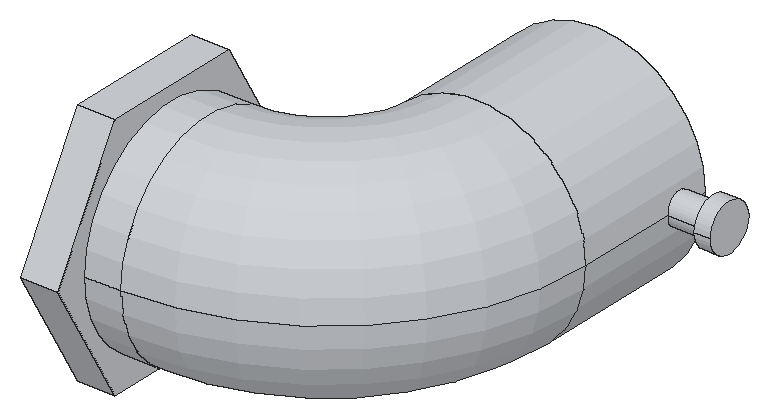
Revit family "M_Conector do conduíte de 90 graus - Parafuso - Zinco fundido", category Conexões do conduite, Revit 2019
Family settings
  Cota do conector redondo = Usar raio
  Tipo de parte = Múltiplas portas
  Número OmniClass = 23.80.30.17.11
  Título OmniClass = Conduits
  ID de item do Seek = Conduit Connector 90 Deg - Set Screw - Die Cast Zinc-0000-CAN-ENU
  Com base no plano de trabalho = Não
  Sempre na vertical = Sim
  Corte com vazios quando carregada = Não
  Compartilhado = Não
Parameters (values of type "Padrão")
  Raio 2 [instance] = 0.75 * Comprimento 1  # 2.551 mm
  Raio 1 [instance] = 0.5 * Comprimento 1  # 1.701 mm
  Raio nominal [instance] = 8 mm
  Diâmetro nominal [instance] = Raio nominal * 2  # 16 mm
  Comprimento 8 [instance] = Comprimento 3 * sin(30.00°)  # 7.739 mm
  Comprimento 7 [instance] = Comprimento 3 * cos(30.00°)  # 13.404 mm
  Comprimento 5 [instance] = if(Centro ao final - 0.5 * Centro ao final < Raio externo final, Raio externo final + 3.175 mm, Centro ao final - 0.5 * Centro ao final)  # 16.129 mm
  Comprimento 4 [instance] = Centro ao final - Comprimento 5  # 16.129 mm
  Comprimento 3 [instance] = 1.3 * Raio externo final  # 15.478 mm
  Comprimento 2 [instance] = 0.15 * Raio externo final  # 1.786 mm
  Comprimento da rosca [instance] = Comprimento 4 * 0.5  # 8.065 mm
  Comprimento 6 [instance] = Comprimento 4 - Comprimento da rosca  # 8.065 mm
  Comprimento 1 [instance] = Diâmetro externo final / 7  # 3.402 mm
  Raio externo final [instance] = Diâmetro externo final / 2  # 11.906 mm
  Diâmetro externo final [instance] = size_lookup(Pesquisa de tamanho de conduite, "EOD", 1.22 * Diâmetro nominal + 6.35 mm, Diâmetro nominal)  # 23.813 mm
  Pesquisa de tamanho de conduite = "M_Conduit Connector 90 Deg - Set Screw - Die Cast Zinc"
  Centro ao final [instance] = size_lookup(Pesquisa de tamanho de conduite, "CtE", 1.28 * Diâmetro nominal + 16.768 mm, Diâmetro nominal)  # 32.258 mm
Reference planes
  plane 1 "Centro (Frente/Trás)": y = 0
  plane 2: z = 0
  plane 3 "Centro (Esquerda/Direita)": x = 0
  plane 4: x = 8.065
  plane 5: x = 4.032
  plane 6: y = 16.129
  plane 7: y = 32.258
  plane 8: z = 13.404
  plane 9: z = -13.404
  plane 10: y = 15.478
  plane 11: y = -15.478
  plane 12: y = 7.739
  plane 13: y = -7.739
  plane 14: y = 28.856
  plane 15: x = 24.194
  plane 16: x = 39.672
  plane 17: x = 41.458
  plane 18: y = -11.906
Forms (mm)
  Sweep 1, solid, detail levels fine
    path in 3D
      loop
        line (4.032, 0, 0) -> (8.065, 0, 0)
        arc (8.065, 0, 0) -> (19.469, 4.724, 0) -> (24.194, 16.129, 0) r 16.129
        line (24.194, 16.129, 0) -> (24.194, 32.258, 0)
    profile origin (6.048, 0, 0) x (0, 1, 0) y (0, 0, 1)
      loop
        circle (0, 0) r 11.906
  Extrusion 2, solid, detail levels fine
    sketch origin (0, 0, 0) x (0, 1, 0) y (0, 0, 1)
      loop
        line (7.739, 13.404) -> (-7.739, 13.404) -> (-15.478, 0) -> (-7.739, -13.404) -> (7.739, -13.404) -> (15.478, 0) -> (7.739, 13.404)
    from 0 to 4.032
  Extrusion 3, solid, detail levels fine
    sketch origin (0, 0, 0) x (0, 1, 0) y (0, 0, 1)
      loop
        circle (28.856, 0) r 2.551
    from 39.672 to 41.458
  Extrusion 4, solid, detail levels fine
    sketch origin (0, 0, 0) x (0, 1, 0) y (0, 0, 1)
      loop
        circle (28.856, 0) r 1.701
    from 24.194 to 39.672
  Extrusion 5, solid, detail levels fine
    sketch origin (0, 0, 0) x (0, 1, 0) y (0, 0, 1)
      loop
        circle (0, 0) r 3.175
    from 0 to 4.032
Cuts and joins
  joined: Sweep 1, Extrusion 2, Extrusion 3, Extrusion 4, Extrusion 5
Lines and regions (mm)
  model lines, detail levels coarse+medium
    curve 1: line (4.032, 0, 0) -> (8.065, 0, 0)
    curve 2: arc (8.065, 0, 0) -> (19.469, 4.724, 0) -> (24.194, 16.129, 0) r 16.129
    curve 3: line (24.194, 16.129, 0) -> (24.194, 32.258, 0)
    curve 7: line (0, 0, 0) -> (4.032, 0, 0)
  sketch lines
    curve 4: line (4.032, 0, 0) -> (8.065, 0, 0)
    curve 5: arc (8.065, 0, 0) -> (19.469, 4.724, 0) -> (24.194, 16.129, 0) r 16.129
    curve 6: line (24.194, 16.129, 0) -> (24.194, 32.258, 0)
Dimensions and locks
  "Comprimento 6": plane 3 "Centro (Esquerda/Direita)" to plane 4
  equal spacing: plane 3 "Centro (Esquerda/Direita)", plane 5, plane 4
  "Comprimento 5": plane 6 to plane 1 "Centro (Frente/Trás)"
  "Comprimento 4": plane 7 to plane 6
  "Comprimento 7": plane 8 to plane 2
  equal spacing: plane 8, plane 2, plane 9
  "Comprimento 3": plane 10 to plane 1 "Centro (Frente/Trás)"
  equal spacing: plane 10, plane 1 "Centro (Frente/Trás)", plane 11
  "Comprimento 8": plane 12 to plane 1 "Centro (Frente/Trás)"
  equal spacing: plane 12, plane 1 "Centro (Frente/Trás)", plane 13
  "Comprimento 3": curve 2 to Extrusion 2 sketch curve
  "Comprimento 3": Extrusion 2 sketch curve to plane 1 "Centro (Frente/Trás)"
  "Comprimento 1": plane 7 to plane 14
  "Comprimento 5": plane 4 to plane 15
  "Comprimento 3": plane 15 to plane 16
  "Comprimento 2": plane 16 to plane 17
  "Raio externo final": plane 18 to plane 1 "Centro (Frente/Trás)"  (x2)
  "Comprimento 5": radius of curve 2
  "Raio externo final": radius of Sweep 1 sketch curve
  "Raio 2": radius of Extrusion 3 sketch curve
  "Raio 1": radius of Extrusion 4 sketch curve
  radius of Extrusion 5 sketch curve = 3.175 mm
  locked: curve 2 to curve 2 (angle 90.00°)
  aligned and locked: plane 1 "Centro (Frente/Trás)" to curve 1
  aligned and locked: plane 6 to curve 2
  aligned and locked: plane 4 to curve 2
  aligned and locked: plane 7 to curve 3
  aligned and locked: plane 6 to curve 3
  aligned and locked: Extrusion 2 sketch curve to plane 8
  aligned and locked: plane 8 to Extrusion 2 sketch curve
  aligned and locked: plane 11 to Extrusion 2 sketch curve
  aligned and locked: plane 2 to Extrusion 2 sketch curve  (x2)
  aligned and locked: plane 13 to Extrusion 2 sketch curve  (x2)
  aligned and locked: plane 9 to Extrusion 2 sketch curve
  aligned and locked: plane 12 to Extrusion 2 sketch curve
  aligned and locked: Extrusion 2 to plane 3 "Centro (Esquerda/Direita)"
  aligned and locked: plane 5 to Extrusion 2
  aligned and locked: plane 14 to Extrusion 3 sketch curve
  aligned and locked: plane 2 to Extrusion 3 sketch curve
  aligned and locked: Extrusion 3 to plane 16
  aligned and locked: plane 17 to Extrusion 3
  aligned and locked: plane 14 to Extrusion 4 sketch curve
  aligned and locked: plane 2 to Extrusion 4 sketch curve
  aligned and locked: Extrusion 4 to plane 15
  aligned and locked: plane 16 to Extrusion 4
  aligned and locked: plane 3 "Centro (Esquerda/Direita)" to curve 7
  aligned and locked: plane 5 to curve 7
  aligned and locked: plane 1 "Centro (Frente/Trás)" to curve 7
  aligned and locked: plane 1 "Centro (Frente/Trás)" to Extrusion 5 sketch curve
  aligned and locked: plane 2 to Extrusion 5 sketch curve
  aligned and locked: Extrusion 5 to plane 3 "Centro (Esquerda/Direita)"
  aligned and locked: plane 5 to Extrusion 5
Automatic sketch dimensions
  Sweep 1 sketch curve to profile plane = 0 mm  (x2)
  Extrusion 2 sketch curve to plane 10 = 0 mm
Connectors
  cabletrayconduit at (0, 0, 0), diameter 16, driven by "Raio nominal"
    settings: on Extrusion 5, index 1, connector width 304.8 mm, connector height 304.8 mm, connector angle 0.00°, system type 32, placement type 0, profile type 0, connector reference index 2, is primary connector yes, connector utility param no, connector description ""
  cabletrayconduit at (24.194, 32.258, 0), diameter 16, driven by "Raio nominal"
    settings: on cut or joined group of Sweep 1, Extrusion 2, Extrusion 3, Extrusion 4, Extrusion 5, index 2, connector width 304.8 mm, connector height 304.8 mm, connector angle 0.00°, system type 32, placement type 0, profile type 0, connector reference index 1, is primary connector no, connector utility param no, connector description ""
